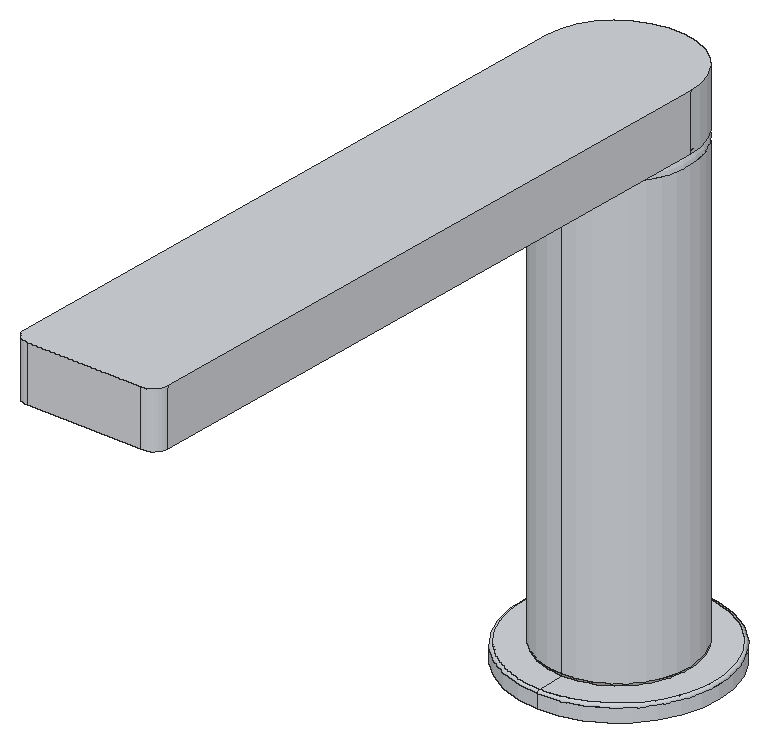
Revit family "Faucet_Touchless-Lavatory-KOHLER-Composed-K-104C36", category Plumbing Fixtures, host Face, Revit 2021
Family settings
  Host = Face
  Round Connector Dimension = Use Diameter
  Part Type = Normal
  OmniClass Number = 23.31.11.00
  OmniClass Title = Faucets
  Cut with Voids When Loaded = No
  Shared = No
  Room Calculation Point = No
Parameters (values of type "0.35 GPM, CP-Polished Chrome")
  Width = 2"  # constant formula
  WaterSense Certified = 1 = 0  # no
  Waste Water Outlet = "Waste Water Outlet"  # constant formula
  Waste Connection = 1 = 0  # no
  Vent Connection = 1 = 0  # no
  URL = "https://www.us.kohler.com/us/"
  Type = 1
  Spout Reach = 5 13/16"  # constant formula
  Product Page URL = "http://www.us.kohler.com/us/catalog/productDetails.jsp?productId=104C36-SATA"
  Product Name = "Composed\r\n"  # constant formula
  Product Documentation Link = "https://www.us.kohler.com/webassets/kpna/catalog/pdf/en/K-104C36-SATA_spec_US-CA_Kohler_en.pdf"
  Pressure = 60.00 psi  # constant formula
  Model = if(Type = 1, "K-104C36-SATA-CP", if(Type = 2, "K-104C36-SANA-CP", "NA"))  # "K-104C36-SATA-CP"
  Material = "Premium Metal Construction\r\n"  # constant formula
  Master Format 2014 Name = "Residential Faucets, Supplies, and Trim"  # constant formula
  Master Format 2014 = "22 41 39"  # constant formula
  Manufacturer Address = "444 Highland Dr, Kohler, WI 53044"  # constant formula
  Manufacturer = "Kohler Co."  # constant formula
  Length = Spout Reach  # 5 13/16"
  Hot Water Inlet = "Hot Water Inlet"  # constant formula
  Height = 5 1/2"  # constant formula
  HW Connection = 1 = 1  # yes
  Flow Rate = if(Type = 1, 0.35 GPM, 0.5 GPM)  # 0.35 GPM
  Finish = Kohler-Metal-CP-Polished_Chrome
  Environmental Product Declaration = ""
  Drain Included = 1 = 1  # yes
  Description = if(Type = 1, "Deck Mount- 0.35 GPM DC Single Supply", "Touchless faucet with Kinesis sensor technology, DC-powered")  # "Deck Mount- 0.35 GPM DC Single Supply"
  Default Elevation = 36"
  Declare Label = ""
  Date Modified = "09/23/2022"  # constant formula
  Date Created = "01/29/2019"  # constant formula
  Copyright = "Copyright Kohler Co."  # constant formula
  Contact Us = "https://www.us.kohler.com/us/static/contact.jsp"
  Cold Water Inlet = "Cold Water Inlet"  # constant formula
  CW Connection = 1 = 1  # yes
  Assembly Code = "D2010"
  ADA Compliant = if(Type = 1, 1 = 0, 1 = 1)  # no
Types (3): name | Type | Product Page URL | Product Documentation Link | Model | Flow Rate | Description | ADA Compliant
  (no name) | 1 | "http://www.us.kohler.com/us/catalog/productDetails.jsp?productId=104C36-SATA" | "https://www.us.kohler.com/webassets/kpna/catalog/pdf/en/K-104C36-SATA_spec_US-CA_Kohler_en.pdf" | "K-104C36-SATA-CP" | 0.35 GPM | "Deck Mount- 0.35 GPM DC Single Supply" | no
  0.35 GPM, CP-Polished Chrome | 1 | "http://www.us.kohler.com/us/catalog/productDetails.jsp?productId=104C36-SATA" | "https://www.us.kohler.com/webassets/kpna/catalog/pdf/en/K-104C36-SATA_spec_US-CA_Kohler_en.pdf" | "K-104C36-SATA-CP" | 0.35 GPM | "Deck Mount- 0.35 GPM DC Single Supply" | no
  0.5 GPM, CP-Polished Chrome | 2 | "http://www.us.kohler.com/us/catalog/productDetails.jsp?productId=104C36-SANA" | "https://www.us.kohler.com/webassets/kpna/catalog/pdf/en/K-104C36-SANA_spec_US-CA_Kohler_en.pdf" | "K-104C36-SANA-CP" | 0.5 GPM | "Touchless faucet with Kinesis sensor technology, DC-powered" | yes
Reference planes (in)
  plane 1 "Center (Front/Back)": y = 0
  plane 2: z = 0
  plane 3 "Center (Left/Right)": x = 0
  plane 4: x = -1
  plane 5: x = 1
  plane 6: y = -6.59843
  plane 7: y = -5.8125
  plane 8: y = -1
  plane 9: y = 1
  plane 10: y = 0.59547
  plane 11: x = -0.31379
  plane 12: x = 0.31379
  plane 13: z = 5.5
  plane 14: z = 4.875
  plane 15: x = -0.7086
  plane 16: x = 0.7086
Dimensions and locks (in)
  "Length": plane 1 "Center (Front/Back)" to plane 7
  "Height": level to plane 13
  "Width": plane 4 to plane 5
  plane 6 to plane 9 = 7.59843"
  nested 1 to nested 1 = 1.4172"
  plane 4 to plane 5 = 2"
  level to plane 14 = 4 7/8"
  plane 1 "Center (Front/Back)" to plane 6 = 6.59843"
  plane 15 to plane 16 = 1.4172"
  aligned and locked: plane 2 to host face
  aligned and locked: level to host face
Automatic sketch dimensions
  host sketch curve to host sketch curve = 96"  (x2)
Nested families (in)
  nested 1: "K-104C36" at (0, 0, 0), type "K-104C36"
Connectors (in)
  piping at (0.31379, 0, 0), diameter 0.375, driven by "Flow Rate", driven by "Pressure", driven by "CW Connection", driven by "Cold Water Inlet"
    settings: on nested 1, index 1, connector inside diameter 24", connector length 0", flow factor 0, pipe flow 0.35 GPM, pressure drop 60.00 psi, fitting loss kfactor 0, connector angle 0.00°, fixture units 0, engagement length 0", angle of deflection 0.00°, flow configuration 1, flow direction 1, fitting loss method 4, system type 20, joint type 0, gender type 0, connector reference index -1, connector utility 1, adjustable connector no, is connector primary yes, connector description "Cold Water Inlet"
  piping at (-0.31379, 0, 0), diameter 0.375, driven by "Flow Rate", driven by "Pressure", driven by "HW Connection", driven by "Hot Water Inlet"
    settings: on nested 1, index 2, connector inside diameter 24", connector length 0", flow factor 0, pipe flow 0.35 GPM, pressure drop 60.00 psi, fitting loss kfactor 0, connector angle 0.00°, fixture units 0, engagement length 0", angle of deflection 0.00°, flow configuration 1, flow direction 1, fitting loss method 4, system type 19, joint type 0, gender type 0, connector reference index -1, connector utility 1, adjustable connector no, is connector primary no, connector description "Hot Water Inlet"
Definition of nested family "K-104C36"
  Parameters (values of type "K-104C36")
    Material = none
    Default Elevation = 0"
  Reference planes (in)
    plane 1 "Center (Front/Back)": y = 0
    plane 2: z = 0
    plane 3 "Center (Left/Right)": x = 0
    plane 4: x = -1
    plane 5: x = 1
    plane 6: y = 1
    plane 7: y = -1
    plane 8: y = -5.8125
    plane 9: z = 5.5
    plane 10: z = 4.875
    plane 11: y = -6.59843
    plane 12: x = -0.7086
    plane 13: x = 0.7086
    plane 14: y = 0.59547
    plane 15: x = -0.31379
    plane 16: x = 0.31379
  Forms (in)
    Revolve 1, solid, detail levels medium+fine
      sketch origin (0, 0, 0) x (0, 1, 0) y (0, 0, 1)
        loop
          line (0, 0) -> (0, 4.78248) -> (-0.54411, 4.78248)
          arc (-0.54411, 4.78248) -> (-0.66047, 4.73428) -> (-0.70866, 4.61793) r 0.16455
          line (-0.70866, 4.61793) -> (-0.70866, 0.18107)
          arc (-0.70866, 0.18107) -> (-0.70175, 0.16439) -> (-0.68507, 0.15748) r 0.02359
          line (-0.68507, 0.15748) -> (-0.97191, 0.15748)
          arc (-0.97191, 0.15748) -> (-0.99177, 0.14925) -> (-1, 0.12939) r 0.02809
          line (-1, 0.12939) -> (-1, 0) -> (0, 0)
        axis (0, 4.78248) -> (0, 0)
      angle from 0 to 360
    Extrusion 2, solid, detail levels medium+fine
      sketch origin (0, 0, 0) x (1, 0, 0) y (0, 1, 0)
        loop
          line (-0.70866, 0.00121) -> (-0.70866, -6.44494)
          arc (-0.70866, -6.44494) -> (-0.66441, -6.55176) -> (-0.55759, -6.59601) r 0.15108
          line (-0.55759, -6.59601) -> (0.55632, -6.59601)
          arc (0.55632, -6.59601) -> (0.66404, -6.55139) -> (0.70866, -6.44367) r 0.15234
          line (0.70866, -6.44367) -> (0.70866, 0.00121)
          arc (0.70866, 0.00121) -> (0, 0.70988) -> (-0.70866, 0.00121) r 0.70866
      from 4.54118 to 6.09294
    Extrusion 3, void
      sketch origin (0, 0, 0) x (0, 1, 0) y (0, 0, 1)
        loop
          line (0.90399, 5.23985) -> (0.90399, 6.19451) -> (-6.61256, 6.19451) -> (-6.61256, 5.50234) -> (0.90399, 5.23985)
        loop
          line (0.90399, 4.68568) -> (-6.61256, 4.94816) -> (-6.61256, 4.43568) -> (0.90399, 4.43568) -> (0.90399, 4.68568)
      from -0.88966 to 0.95732
    Extrusion 4, void
      sketch origin (0, 0, 0) x (0, 1, 0) y (0, 0, 1)
        loop
          line (0.79153, 4.6896) -> (0.79153, 4.96795) -> (-0.82888, 4.96795) -> (-0.82888, 4.74619) -> (0.79153, 4.6896)
      from -0.83763 to 0.85245
    Revolve 5, solid, detail levels medium+fine
      sketch origin (0, 0, 0) x (0, 1, 0) y (0, 0, 1)
        loop
          line (-5.8125, 4.875) -> (-5.4852, 4.80543)
          arc (-5.4852, 4.80543) -> (-5.47036, 4.80818) -> (-5.46181, 4.82062) r 0.01972
          line (-5.46181, 4.82062) -> (-5.45363, 4.8591) -> (-5.41463, 4.8508)
          arc (-5.41463, 4.8508) -> (-5.38526, 4.85625) -> (-5.36834, 4.88087) r 0.03903
          line (-5.36834, 4.88087) -> (-5.3498, 4.96807) -> (-5.77357, 5.05815) -> (-5.8125, 4.875)
        axis (-5.8125, 4.875) -> (-5.77357, 5.05815)
      angle from 0 to 360
    Revolve 6, void
      sketch origin (0, 0, 0) x (0, 1, 0) y (0, 0, 1)
        loop
          line (-6.23931, 5.15715) -> (-6.30565, 4.84507) -> (-5.84353, 4.74685) -> (-5.7772, 5.05892) -> (-6.23931, 5.15715)
        axis (-5.84353, 4.74685) -> (-5.7772, 5.05892)
      angle from 0 to 360
    Sweep 7, solid, detail levels medium+fine
      path origin (0, -0.17553, -0.15604) x (1, 0, 0) y (0, 0.999391, -0.034899)
        loop
          line (-0.47244, -4.42044) -> (-0.47244, -4.69476)
          arc (-0.47244, -4.69476) -> (0, -5.1672) -> (0.47244, -4.69476) r 0.47244
          line (0.47244, -4.69476) -> (0.47244, -4.42044)
          arc (0.47244, -4.42044) -> (0, -3.948) -> (-0.47244, -4.42044) r 0.47244
      profile origin (-0.47244, -4.73035, 0.00302) x (1, 0, 0) y (0, 0.034899, 0.999391)
        loop
          line (0, 5.08692) -> (0, 4.8922)
          arc (0, 4.8922) -> (0.02312, 4.83639) -> (0.07892, 4.81327) r 0.07892
          line (0.07892, 4.81327) -> (0.32246, 4.81327) -> (0.32246, 5.08692) -> (0, 5.08692)
    Extrusion 8, solid, detail levels medium+fine
      sketch origin (0, -0.17553, -0.15604) x (1, 0, 0) y (0, 0.999391, -0.034899)
        loop
          line (-0.14998, -4.42044) -> (-0.14998, -4.69476)
          arc (-0.14998, -4.69476) -> (0, -4.84474) -> (0.14998, -4.69476) r 0.14998
          line (0.14998, -4.69476) -> (0.14998, -4.42044)
          arc (0.14998, -4.42044) -> (0, -4.27045) -> (-0.14998, -4.42044) r 0.14998
      from 4.81327 to 5.08692
    Revolve 9, solid, material <- "Material", detail levels coarse
      sketch origin (0, 0, 0) x (0, 1, 0) y (0, 0, 1)
        loop
          line (0, 0) -> (0, 4.73274) -> (-0.70866, 4.73274) -> (-0.70866, 0.26851) -> (-1, 0.26851) -> (-1, 0) -> (0, 0)
        axis (0, 4.73274) -> (0, 0)
      angle from 0 to 360
    Extrusion 10, solid, material <- "Material", detail levels coarse
      sketch origin (0, 0, 0) x (1, 0, 0) y (0, 1, 0)
        loop
          line (-0.70866, 0.00121) -> (-0.70866, -6.59601) -> (0.70866, -6.59601) -> (0.70866, 0.00121)
          arc (0.70866, 0.00121) -> (0, 0.70988) -> (-0.70866, 0.00121) r 0.70866
      from 4.73274 to 5.51642
    Extrusion 11, solid, material <- "Material", detail levels medium+fine
      sketch origin (0, 0, 0) x (1, 0, 0) y (0, 1, 0)
        loop
          circle (-0.31379, 0) r 0.125
        loop
          circle (0.31379, 0) r 0.12402
      from 0 to 0.05237
    Extrusion 12, void
      sketch origin (0, 0, 0) x (1, 0, 0) y (0, 1, 0)
        loop
          circle (0.0082, -4.16759) r 0.08604
      from 4.67622 to 4.83958
    Extrusion 13, solid, detail levels medium+fine
      sketch origin (0, 0, 0) x (1, 0, 0) y (0, 1, 0)
        loop
          circle (0.0082, -4.16759) r 0.06485
      from 4.8007 to 4.83958
    Extrusion 14, solid, detail levels medium+fine
      sketch origin (0, -1.14101, -1.10191) x (1, 0, 0) y (0, 0.978148, -0.207912)
        loop
          circle (0.14657, -5.71164) r 0.01969
        loop
          circle (0.06984, -5.65406) r 0.01969
        loop
          circle (-0.02936, -5.6471) r 0.01969
        loop
          circle (-0.1226, -5.70317) r 0.01969
        loop
          circle (-0.15199, -5.81181) r 0.01969
        loop
          circle (-0.10684, -5.91675) r 0.01969
        loop
          circle (-0.00658, -5.9677) r 0.01969
        loop
          circle (0.16008, -5.81356) r 0.01969
        loop
          circle (0.13139, -5.88708) r 0.01969
        loop
          circle (0.08236, -5.94171) r 0.01969
        loop
          circle (0, -5.56028) r 0.01969
        loop
          circle (-0.06984, -5.57014) r 0.01969
        loop
          circle (-0.25222, -5.8125) r 0.01969
        loop
          circle (-0.23921, -5.73253) r 0.01969
        loop
          circle (-0.19371, -5.65096) r 0.01969
        loop
          circle (-0.14404, -5.60545) r 0.01969
        loop
          circle (0.06984, -5.57014) r 0.01969
        loop
          circle (0.23921, -5.73253) r 0.01969
        loop
          circle (0.19371, -5.65096) r 0.01969
        loop
          circle (0.14404, -5.60545) r 0.01969
        loop
          circle (0.06984, -6.05486) r 0.01969
        loop
          circle (0.23921, -5.89247) r 0.01969
        loop
          circle (0.19371, -5.97404) r 0.01969
        loop
          circle (0.14404, -6.01955) r 0.01969
        loop
          circle (-0.06984, -6.05486) r 0.01969
        loop
          circle (-0.23921, -5.89247) r 0.01969
        loop
          circle (-0.19371, -5.97404) r 0.01969
        loop
          circle (-0.14404, -6.01955) r 0.01969
        loop
          circle (0, -6.06472) r 0.01969
        loop
          circle (0.25222, -5.8125) r 0.01969
      from 4.85855 to 5.03363
  Cuts and joins
    Extrusion 4 cuts Revolve 1
    Extrusion 3, Revolve 6 cuts Extrusion 2
    joined: Revolve 1, Extrusion 2
    Extrusion 12 cuts Sweep 7
    joined: Sweep 7, Extrusion 8
    joined: Revolve 9, Extrusion 10
  Lines and regions (in)
    Masking region 1
      outline origin (0, 0, 0) x (0, 1, 0) y (0, 0, 1)
        loop
          line (-1, 0) -> (1, 0) -> (1, 0.12789)
          arc (1, 0.12789) -> (0.99133, 0.14881) -> (0.97041, 0.15748) r 0.02959
          line (0.97041, 0.15748) -> (0.68507, 0.15748)
          arc (0.68507, 0.15748) -> (0.70196, 0.16698) -> (0.70866, 0.18517) r 0.02805
          line (0.70866, 0.18517) -> (0.70866, 4.6644)
          arc (0.70866, 4.6644) -> (0.70361, 4.68151) -> (0.69008, 4.69315) r 0.03153
          arc (0.69008, 4.69315) -> (0.70443, 4.70479) -> (0.70983, 4.72246) r 0.03163
          line (0.70983, 4.72246) -> (0.70983, 5.24487) -> (-6.59601, 5.5) -> (-6.59601, 4.94758) -> (-6.06707, 4.92911) -> (-5.46591, 4.80133) -> (-5.45363, 4.8591) -> (-5.40228, 4.84818)
          arc (-5.40228, 4.84818) -> (-5.38242, 4.85186) -> (-5.37097, 4.86851) r 0.0264
          line (-5.37097, 4.86851) -> (-5.36331, 4.90453) -> (-5.16842, 4.89773)
          arc (-5.16842, 4.89773) -> (-5.14228, 4.85132) -> (-5.09273, 4.83177) r 0.07965
          line (-5.09273, 4.83177) -> (-4.03524, 4.79485)
          arc (-4.03524, 4.79485) -> (-3.98344, 4.81076) -> (-3.95252, 4.85527) r 0.08292
          line (-3.95252, 4.85527) -> (-0.64549, 4.73978)
          arc (-0.64549, 4.73978) -> (-0.6904, 4.71853) -> (-0.70866, 4.67232) r 0.06762
          line (-0.70866, 4.67232) -> (-0.70866, 0.18517)
          arc (-0.70866, 0.18517) -> (-0.70196, 0.16698) -> (-0.68507, 0.15748) r 0.02805
          line (-0.68507, 0.15748) -> (-0.97041, 0.15748)
          arc (-0.97041, 0.15748) -> (-0.99133, 0.14881) -> (-1, 0.12789) r 0.02959
          line (-1, 0.12789) -> (-1, 0)
    Masking region 2
      outline origin (0, 0, 0) x (1, 0, 0) y (0, 0, 1)
        loop
          line (1, 0) -> (1, 0.13064)
          arc (1, 0.13064) -> (0.99214, 0.14962) -> (0.97316, 0.15748) r 0.02684
          line (0.97316, 0.15748) -> (0.68507, 0.15748)
          arc (0.68507, 0.15748) -> (0.70182, 0.16519) -> (0.70866, 0.18231) r 0.02487
          line (0.70866, 0.18231) -> (0.70866, 4.66989)
          arc (0.70866, 4.66989) -> (0.69784, 4.70038) -> (0.67021, 4.7172) r 0.04833
          arc (0.67021, 4.7172) -> (0.69728, 4.72725) -> (0.70866, 4.75379) r 0.03663
          line (0.70866, 4.75379) -> (0.70866, 5.46484)
          arc (0.70866, 5.46484) -> (0.69836, 5.4897) -> (0.6735, 5.5) r 0.03516
          line (0.6735, 5.5) -> (-0.67198, 5.5)
          arc (-0.67198, 5.5) -> (-0.69792, 5.48926) -> (-0.70866, 5.46333) r 0.03667
          line (-0.70866, 5.46333) -> (-0.70866, 4.75379)
          arc (-0.70866, 4.75379) -> (-0.69728, 4.72725) -> (-0.67021, 4.7172) r 0.03663
          arc (-0.67021, 4.7172) -> (-0.69784, 4.70038) -> (-0.70866, 4.66989) r 0.04833
          line (-0.70866, 4.66989) -> (-0.70866, 0.18231)
          arc (-0.70866, 0.18231) -> (-0.70182, 0.16519) -> (-0.68507, 0.15748) r 0.02487
          line (-0.68507, 0.15748) -> (-0.97316, 0.15748)
          arc (-0.97316, 0.15748) -> (-0.99214, 0.14962) -> (-1, 0.13064) r 0.02684
          line (-1, 0.13064) -> (-1, 0) -> (1, 0)
    Masking region 3
      outline origin (0, 0, 0) x (1, 0, 0) y (0, 1, 0)
        loop
          arc (-1, 0) -> (-0.92428, -0.38171) -> (-0.7086, -0.70561) r 1
          line (-0.7086, -0.70561) -> (-0.7086, -6.44806)
          arc (-0.7086, -6.44806) -> (-0.66527, -6.55268) -> (-0.56065, -6.59601) r 0.14795
          line (-0.56065, -6.59601) -> (0.56094, -6.59601)
          arc (0.56094, -6.59601) -> (0.66535, -6.55276) -> (0.7086, -6.44835) r 0.14766
          line (0.7086, -6.44835) -> (0.7086, -0.70561)
          arc (0.7086, -0.70561) -> (0.92428, -0.38171) -> (1, 0) r 1
          arc (1, 0) -> (0.70711, 0.70711) -> (0, 1) r 1
          arc (0, 1) -> (-0.70711, 0.70711) -> (-1, 0) r 1
    symbolic lines, detail levels medium+fine
      curve 1: line (0, 0.69008, 4.69315) -> (0, -0.65412, 4.74009)
      curve 2: line (0, -3.95252, 4.85527) -> (0, -5.16781, 4.89771)
      curve 3: line (0, -6.06707, 4.92911) -> (0, -5.36331, 4.90453)
      curve 4: line (0, -5.45363, 4.8591) -> (0, -5.72719, 4.91724)
      curve 5: line (0, 0.68507, 0.15748) -> (0, -0.68507, 0.15748)
      curve 6: arc (-0.67021, 0, 4.7172) -> (0, 0, 4.74009) -> (0.67021, 0, 4.7172) r 9.82651
      curve 7: line (-0.70866, 0, 4.94758) -> (0.70866, 0, 4.94758)
      curve 8: spline (0, 0, 4.80133) -> (-0.08679, 0, 4.80357) -> (-0.16829, 0, 4.81017) -> (-0.23954, 0, 4.82072) -> (-0.2962, 0, 4.83457) -> (-0.33481, 0, 4.85088) -> (-0.35302, 0, 4.86867) -> (-0.34972, 0, 4.88684) -> (-0.32512, 0, 4.90429) -> (-0.28071, 0, 4.91996) -> (-0.2192, 0, 4.93288) -> (-0.14433, 0, 4.94228) -> (-0.06067, 0, 4.94758)
      curve 9: spline (0.06067, 0, 4.94758) -> (0.14433, 0, 4.94228) -> (0.2192, 0, 4.93288) -> (0.28071, 0, 4.91996) -> (0.32512, 0, 4.90429) -> (0.34972, 0, 4.88684) -> (0.35302, 0, 4.86867) -> (0.33481, 0, 4.85088) -> (0.2962, 0, 4.83457) -> (0.23954, 0, 4.82072) -> (0.16829, 0, 4.81017) -> (0.08679, 0, 4.80357) -> (0, 0, 4.80133)
      curve 10: line (-0.35433, 0, 4.875) -> (-0.35433, 0, 4.93107)
      curve 11: spline (-0.42781, 0, 4.9129) -> (-0.45048, 0, 4.91491) -> (-0.46551, 0, 4.91702) -> (-0.47265, 0, 4.91917) -> (-0.47178, 0, 4.92134) -> (-0.46292, 0, 4.92348) -> (-0.4462, 0, 4.92557) -> (-0.42192, 0, 4.92756) -> (-0.39047, 0, 4.92943) -> (-0.35239, 0, 4.93114) -> (-0.3083, 0, 4.93267) -> (-0.25894, 0, 4.93399) -> (-0.20514, 0, 4.93507)
      curve 12: arc (-0.35433, 0, 4.89334) -> (-0.38709, 0, 4.90617) -> (-0.41464, 0, 4.92805) r 0.11866
      curve 13: arc (-0.39465, 0, 4.91091) -> (-0.41123, 0, 4.91178) -> (-0.42781, 0, 4.9129) r 1.14965
      curve 14: arc (-0.35433, 0, 4.89334) -> (-0.40991, 0, 4.88981) -> (-0.46525, 0, 4.88363) r 1.16121
      curve 15: arc (-0.20276, 0, 4.7968) -> (-0.10138, 0, 4.79522) -> (0, 0, 4.79469) r 9.74266
      curve 16: arc (-0.3892, 0, 4.80669) -> (-0.29606, 0, 4.80025) -> (-0.20276, 0, 4.7968) r 2.90363
      curve 17: arc (-0.47192, 0, 4.87526) -> (-0.4413, 0, 4.82802) -> (-0.3892, 0, 4.80669) r 0.09418
      curve 18: arc (-0.47192, 0, 4.87526) -> (-0.47072, 0, 4.88115) -> (-0.46525, 0, 4.88363) r 0.00661
      curve 19: line (0.35433, 0, 4.875) -> (0.35433, 0, 4.93107)
      curve 20: spline (0.42781, 0, 4.9129) -> (0.45048, 0, 4.91491) -> (0.46551, 0, 4.91702) -> (0.47265, 0, 4.91917) -> (0.47178, 0, 4.92134) -> (0.46292, 0, 4.92348) -> (0.4462, 0, 4.92557) -> (0.42192, 0, 4.92756) -> (0.39047, 0, 4.92943) -> (0.35239, 0, 4.93114) -> (0.3083, 0, 4.93267) -> (0.25894, 0, 4.93399) -> (0.20514, 0, 4.93507)
      curve 21: arc (0.35433, 0, 4.89334) -> (0.38709, 0, 4.90617) -> (0.41464, 0, 4.92805) r 0.11866
      curve 22: arc (0.39465, 0, 4.91091) -> (0.41123, 0, 4.91178) -> (0.42781, 0, 4.9129) r 1.14965
      curve 23: arc (0.35433, 0, 4.89334) -> (0.40991, 0, 4.88981) -> (0.46525, 0, 4.88363) r 1.16121
      curve 24: arc (0.20276, 0, 4.7968) -> (0.10138, 0, 4.79522) -> (0, 0, 4.79469) r 9.74266
      curve 25: arc (0.3892, 0, 4.80669) -> (0.29606, 0, 4.80025) -> (0.20276, 0, 4.7968) r 2.90363
      curve 26: arc (0.47192, 0, 4.87526) -> (0.4413, 0, 4.82802) -> (0.3892, 0, 4.80669) r 0.09418
      curve 27: arc (0.47192, 0, 4.87526) -> (0.47072, 0, 4.88115) -> (0.46525, 0, 4.88363) r 0.00661
      curve 28: line (-0.68507, 0, 0.15748) -> (0.68507, 0, 0.15748)
      curve 29: line (-0.7086, -0.70561, 0) -> (-0.7086, 0.00121, 0)
      curve 30: line (0.7086, -0.70561, 0) -> (0.7086, 0.00121, 0)
      curve 31: arc (-0.7086, 0.00121, 0) -> (0, 0.70982, 0) -> (0.7086, 0.00121, 0) r 0.7086
      curve 32: spline (-0.33113, 0, 4.875) -> (-0.32993, 0, 4.87245) -> (-0.32642, 0, 4.87008) -> (-0.32083, 0, 4.86804) -> (-0.31354, 0, 4.86648) -> (-0.30506, 0, 4.86549) -> (-0.29595, 0, 4.86516) -> (-0.28685, 0, 4.86549) -> (-0.27837, 0, 4.86648) -> (-0.27108, 0, 4.86804) -> (-0.26549, 0, 4.87008) -> (-0.26198, 0, 4.87245) -> (-0.26078, 0, 4.875) -> (-0.26198, 0, 4.87755) -> (-0.26549, 0, 4.87992) -> (-0.27108, 0, 4.88196) -> (-0.27837, 0, 4.88352) -> (-0.28685, 0, 4.88451) -> (-0.29595, 0, 4.88484) -> (-0.30506, 0, 4.88451) -> (-0.31354, 0, 4.88352) -> (-0.32083, 0, 4.88196) -> (-0.32642, 0, 4.87992) -> (-0.32993, 0, 4.87755) -> (-0.33113, 0, 4.875)
      curve 33: spline (-0.22209, 0, 4.875) -> (-0.22089, 0, 4.87245) -> (-0.21738, 0, 4.87008) -> (-0.21179, 0, 4.86804) -> (-0.2045, 0, 4.86648) -> (-0.19602, 0, 4.86549) -> (-0.18692, 0, 4.86516) -> (-0.17781, 0, 4.86549) -> (-0.16933, 0, 4.86648) -> (-0.16204, 0, 4.86804) -> (-0.15645, 0, 4.87008) -> (-0.15294, 0, 4.87245) -> (-0.15174, 0, 4.875) -> (-0.15294, 0, 4.87755) -> (-0.15645, 0, 4.87992) -> (-0.16204, 0, 4.88196) -> (-0.16933, 0, 4.88352) -> (-0.17781, 0, 4.88451) -> (-0.18692, 0, 4.88484) -> (-0.19602, 0, 4.88451) -> (-0.2045, 0, 4.88352) -> (-0.21179, 0, 4.88196) -> (-0.21738, 0, 4.87992) -> (-0.22089, 0, 4.87755) -> (-0.22209, 0, 4.875)
      curve 34: spline (-0.22209, 0, 4.92096) -> (-0.22089, 0, 4.91841) -> (-0.21738, 0, 4.91603) -> (-0.21179, 0, 4.914) -> (-0.2045, 0, 4.91243) -> (-0.19602, 0, 4.91145) -> (-0.18692, 0, 4.91111) -> (-0.17781, 0, 4.91145) -> (-0.16933, 0, 4.91243) -> (-0.16204, 0, 4.914) -> (-0.15645, 0, 4.91603) -> (-0.15294, 0, 4.91841) -> (-0.15174, 0, 4.92096) -> (-0.15294, 0, 4.9235) -> (-0.15645, 0, 4.92588) -> (-0.16204, 0, 4.92792) -> (-0.16933, 0, 4.92948) -> (-0.17781, 0, 4.93046) -> (-0.18692, 0, 4.9308) -> (-0.19602, 0, 4.93046) -> (-0.2045, 0, 4.92948) -> (-0.21179, 0, 4.92792) -> (-0.21738, 0, 4.92588) -> (-0.22089, 0, 4.9235) -> (-0.22209, 0, 4.92096)
      curve 35: spline (-0.12888, 0, 4.92096) -> (-0.12768, 0, 4.91841) -> (-0.12417, 0, 4.91603) -> (-0.11858, 0, 4.914) -> (-0.11129, 0, 4.91243) -> (-0.10281, 0, 4.91145) -> (-0.0937, 0, 4.91111) -> (-0.0846, 0, 4.91145) -> (-0.07612, 0, 4.91243) -> (-0.06883, 0, 4.914) -> (-0.06324, 0, 4.91603) -> (-0.05973, 0, 4.91841) -> (-0.05853, 0, 4.92096) -> (-0.05973, 0, 4.9235) -> (-0.06324, 0, 4.92588) -> (-0.06883, 0, 4.92792) -> (-0.07612, 0, 4.92948) -> (-0.0846, 0, 4.93046) -> (-0.0937, 0, 4.9308) -> (-0.10281, 0, 4.93046) -> (-0.11129, 0, 4.92948) -> (-0.11858, 0, 4.92792) -> (-0.12417, 0, 4.92588) -> (-0.12768, 0, 4.9235) -> (-0.12888, 0, 4.92096)
      curve 36: spline (-0.12888, 0, 4.82511) -> (-0.12768, 0, 4.82256) -> (-0.12417, 0, 4.82019) -> (-0.11858, 0, 4.81815) -> (-0.11129, 0, 4.81658) -> (-0.10281, 0, 4.8156) -> (-0.0937, 0, 4.81526) -> (-0.0846, 0, 4.8156) -> (-0.07612, 0, 4.81658) -> (-0.06883, 0, 4.81815) -> (-0.06324, 0, 4.82019) -> (-0.05973, 0, 4.82256) -> (-0.05853, 0, 4.82511) -> (-0.05973, 0, 4.82765) -> (-0.06324, 0, 4.83003) -> (-0.06883, 0, 4.83207) -> (-0.07612, 0, 4.83363) -> (-0.0846, 0, 4.83461) -> (-0.0937, 0, 4.83495) -> (-0.10281, 0, 4.83461) -> (-0.11129, 0, 4.83363) -> (-0.11858, 0, 4.83207) -> (-0.12417, 0, 4.83003) -> (-0.12768, 0, 4.82765) -> (-0.12888, 0, 4.82511)
      curve 37: spline (-0.2344, 0, 4.83126) -> (-0.2332, 0, 4.82871) -> (-0.22969, 0, 4.82634) -> (-0.2241, 0, 4.8243) -> (-0.21681, 0, 4.82273) -> (-0.20833, 0, 4.82175) -> (-0.19923, 0, 4.82142) -> (-0.19012, 0, 4.82175) -> (-0.18164, 0, 4.82273) -> (-0.17435, 0, 4.8243) -> (-0.16876, 0, 4.82634) -> (-0.16525, 0, 4.82871) -> (-0.16405, 0, 4.83126) -> (-0.16525, 0, 4.83381) -> (-0.16876, 0, 4.83618) -> (-0.17435, 0, 4.83822) -> (-0.18164, 0, 4.83978) -> (-0.19012, 0, 4.84077) -> (-0.19923, 0, 4.8411) -> (-0.20833, 0, 4.84077) -> (-0.21681, 0, 4.83978) -> (-0.2241, 0, 4.83822) -> (-0.22969, 0, 4.83618) -> (-0.2332, 0, 4.83381) -> (-0.2344, 0, 4.83126)
      curve 38: spline (-0.03517, 0, 4.82511) -> (-0.03398, 0, 4.82256) -> (-0.03046, 0, 4.82019) -> (-0.02487, 0, 4.81815) -> (-0.01759, 0, 4.81658) -> (-0.0091, 0, 4.8156) -> (0, 0, 4.81526) -> (0.0091, 0, 4.8156) -> (0.01759, 0, 4.81658) -> (0.02487, 0, 4.81815) -> (0.03046, 0, 4.82019) -> (0.03398, 0, 4.82256) -> (0.03517, 0, 4.82511) -> (0.03398, 0, 4.82765) -> (0.03046, 0, 4.83003) -> (0.02487, 0, 4.83207) -> (0.01759, 0, 4.83363) -> (0.0091, 0, 4.83461) -> (0, 0, 4.83495) -> (-0.0091, 0, 4.83461) -> (-0.01759, 0, 4.83363) -> (-0.02487, 0, 4.83207) -> (-0.03046, 0, 4.83003) -> (-0.03398, 0, 4.82765) -> (-0.03517, 0, 4.82511)
      curve 39: spline (-0.03517, 0, 4.92359) -> (-0.03398, 0, 4.92105) -> (-0.03046, 0, 4.91867) -> (-0.02487, 0, 4.91663) -> (-0.01759, 0, 4.91507) -> (-0.0091, 0, 4.91409) -> (0, 0, 4.91375) -> (0.0091, 0, 4.91409) -> (0.01759, 0, 4.91507) -> (0.02487, 0, 4.91663) -> (0.03046, 0, 4.91867) -> (0.03398, 0, 4.92105) -> (0.03517, 0, 4.92359) -> (0.03398, 0, 4.92614) -> (0.03046, 0, 4.92851) -> (0.02487, 0, 4.93055) -> (0.01759, 0, 4.93212) -> (0.0091, 0, 4.9331) -> (0, 0, 4.93344) -> (-0.0091, 0, 4.9331) -> (-0.01759, 0, 4.93212) -> (-0.02487, 0, 4.93055) -> (-0.03046, 0, 4.92851) -> (-0.03398, 0, 4.92614) -> (-0.03517, 0, 4.92359)
      curve 40: spline (0.33113, 0, 4.875) -> (0.32993, 0, 4.87245) -> (0.32642, 0, 4.87008) -> (0.32083, 0, 4.86804) -> (0.31354, 0, 4.86648) -> (0.30506, 0, 4.86549) -> (0.29595, 0, 4.86516) -> (0.28685, 0, 4.86549) -> (0.27837, 0, 4.86648) -> (0.27108, 0, 4.86804) -> (0.26549, 0, 4.87008) -> (0.26198, 0, 4.87245) -> (0.26078, 0, 4.875) -> (0.26198, 0, 4.87755) -> (0.26549, 0, 4.87992) -> (0.27108, 0, 4.88196) -> (0.27837, 0, 4.88352) -> (0.28685, 0, 4.88451) -> (0.29595, 0, 4.88484) -> (0.30506, 0, 4.88451) -> (0.31354, 0, 4.88352) -> (0.32083, 0, 4.88196) -> (0.32642, 0, 4.87992) -> (0.32993, 0, 4.87755) -> (0.33113, 0, 4.875)
      curve 41: spline (0.22209, 0, 4.92096) -> (0.22089, 0, 4.91841) -> (0.21738, 0, 4.91603) -> (0.21179, 0, 4.914) -> (0.2045, 0, 4.91243) -> (0.19602, 0, 4.91145) -> (0.18692, 0, 4.91111) -> (0.17781, 0, 4.91145) -> (0.16933, 0, 4.91243) -> (0.16204, 0, 4.914) -> (0.15645, 0, 4.91603) -> (0.15294, 0, 4.91841) -> (0.15174, 0, 4.92096) -> (0.15294, 0, 4.9235) -> (0.15645, 0, 4.92588) -> (0.16204, 0, 4.92792) -> (0.16933, 0, 4.92948) -> (0.17781, 0, 4.93046) -> (0.18692, 0, 4.9308) -> (0.19602, 0, 4.93046) -> (0.2045, 0, 4.92948) -> (0.21179, 0, 4.92792) -> (0.21738, 0, 4.92588) -> (0.22089, 0, 4.9235) -> (0.22209, 0, 4.92096)
      curve 42: spline (0.12888, 0, 4.92096) -> (0.12768, 0, 4.91841) -> (0.12417, 0, 4.91603) -> (0.11858, 0, 4.914) -> (0.11129, 0, 4.91243) -> (0.10281, 0, 4.91145) -> (0.0937, 0, 4.91111) -> (0.0846, 0, 4.91145) -> (0.07612, 0, 4.91243) -> (0.06883, 0, 4.914) -> (0.06324, 0, 4.91603) -> (0.05973, 0, 4.91841) -> (0.05853, 0, 4.92096) -> (0.05973, 0, 4.9235) -> (0.06324, 0, 4.92588) -> (0.06883, 0, 4.92792) -> (0.07612, 0, 4.92948) -> (0.0846, 0, 4.93046) -> (0.0937, 0, 4.9308) -> (0.10281, 0, 4.93046) -> (0.11129, 0, 4.92948) -> (0.11858, 0, 4.92792) -> (0.12417, 0, 4.92588) -> (0.12768, 0, 4.9235) -> (0.12888, 0, 4.92096)
      curve 43: spline (0.12888, 0, 4.82511) -> (0.12768, 0, 4.82256) -> (0.12417, 0, 4.82019) -> (0.11858, 0, 4.81815) -> (0.11129, 0, 4.81658) -> (0.10281, 0, 4.8156) -> (0.0937, 0, 4.81526) -> (0.0846, 0, 4.8156) -> (0.07612, 0, 4.81658) -> (0.06883, 0, 4.81815) -> (0.06324, 0, 4.82019) -> (0.05973, 0, 4.82256) -> (0.05853, 0, 4.82511) -> (0.05973, 0, 4.82765) -> (0.06324, 0, 4.83003) -> (0.06883, 0, 4.83207) -> (0.07612, 0, 4.83363) -> (0.0846, 0, 4.83461) -> (0.0937, 0, 4.83495) -> (0.10281, 0, 4.83461) -> (0.11129, 0, 4.83363) -> (0.11858, 0, 4.83207) -> (0.12417, 0, 4.83003) -> (0.12768, 0, 4.82765) -> (0.12888, 0, 4.82511)
      curve 44: spline (0.2344, 0, 4.82511) -> (0.2332, 0, 4.82256) -> (0.22969, 0, 4.82019) -> (0.2241, 0, 4.81815) -> (0.21681, 0, 4.81658) -> (0.20833, 0, 4.8156) -> (0.19923, 0, 4.81526) -> (0.19012, 0, 4.8156) -> (0.18164, 0, 4.81658) -> (0.17435, 0, 4.81815) -> (0.16876, 0, 4.82019) -> (0.16525, 0, 4.82256) -> (0.16405, 0, 4.82511) -> (0.16525, 0, 4.82765) -> (0.16876, 0, 4.83003) -> (0.17435, 0, 4.83207) -> (0.18164, 0, 4.83363) -> (0.19012, 0, 4.83461) -> (0.19923, 0, 4.83495) -> (0.20833, 0, 4.83461) -> (0.21681, 0, 4.83363) -> (0.2241, 0, 4.83207) -> (0.22969, 0, 4.83003) -> (0.2332, 0, 4.82765) -> (0.2344, 0, 4.82511)
      curve 45: spline (-0.28807, 0, 4.90555) -> (-0.28687, 0, 4.903) -> (-0.28335, 0, 4.90062) -> (-0.27777, 0, 4.89859) -> (-0.27048, 0, 4.89702) -> (-0.262, 0, 4.89604) -> (-0.25289, 0, 4.8957) -> (-0.24379, 0, 4.89604) -> (-0.23531, 0, 4.89702) -> (-0.22802, 0, 4.89859) -> (-0.22243, 0, 4.90062) -> (-0.21892, 0, 4.903) -> (-0.21772, 0, 4.90555) -> (-0.21892, 0, 4.90809) -> (-0.22243, 0, 4.91047) -> (-0.22802, 0, 4.91251) -> (-0.23531, 0, 4.91407) -> (-0.24379, 0, 4.91505) -> (-0.25289, 0, 4.91539) -> (-0.262, 0, 4.91505) -> (-0.27048, 0, 4.91407) -> (-0.27777, 0, 4.91251) -> (-0.28335, 0, 4.91047) -> (-0.28687, 0, 4.90809) -> (-0.28807, 0, 4.90555)
      curve 46: spline (-0.28807, 0, 4.84445) -> (-0.28687, 0, 4.847) -> (-0.28335, 0, 4.84938) -> (-0.27777, 0, 4.85141) -> (-0.27048, 0, 4.85298) -> (-0.262, 0, 4.85396) -> (-0.25289, 0, 4.8543) -> (-0.24379, 0, 4.85396) -> (-0.23531, 0, 4.85298) -> (-0.22802, 0, 4.85141) -> (-0.22243, 0, 4.84938) -> (-0.21892, 0, 4.847) -> (-0.21772, 0, 4.84445) -> (-0.21892, 0, 4.84191) -> (-0.22243, 0, 4.83953) -> (-0.22802, 0, 4.83749) -> (-0.23531, 0, 4.83593) -> (-0.24379, 0, 4.83495) -> (-0.25289, 0, 4.83461) -> (-0.262, 0, 4.83495) -> (-0.27048, 0, 4.83593) -> (-0.27777, 0, 4.83749) -> (-0.28335, 0, 4.83953) -> (-0.28687, 0, 4.84191) -> (-0.28807, 0, 4.84445)
      curve 47: spline (0.28807, 0, 4.84445) -> (0.28687, 0, 4.847) -> (0.28335, 0, 4.84938) -> (0.27777, 0, 4.85141) -> (0.27048, 0, 4.85298) -> (0.262, 0, 4.85396) -> (0.25289, 0, 4.8543) -> (0.24379, 0, 4.85396) -> (0.23531, 0, 4.85298) -> (0.22802, 0, 4.85141) -> (0.22243, 0, 4.84938) -> (0.21892, 0, 4.847) -> (0.21772, 0, 4.84445) -> (0.21892, 0, 4.84191) -> (0.22243, 0, 4.83953) -> (0.22802, 0, 4.83749) -> (0.23531, 0, 4.83593) -> (0.24379, 0, 4.83495) -> (0.25289, 0, 4.83461) -> (0.262, 0, 4.83495) -> (0.27048, 0, 4.83593) -> (0.27777, 0, 4.83749) -> (0.28335, 0, 4.83953) -> (0.28687, 0, 4.84191) -> (0.28807, 0, 4.84445)
      curve 48: spline (0.28807, 0, 4.90555) -> (0.28687, 0, 4.903) -> (0.28335, 0, 4.90062) -> (0.27777, 0, 4.89859) -> (0.27048, 0, 4.89702) -> (0.262, 0, 4.89604) -> (0.25289, 0, 4.8957) -> (0.24379, 0, 4.89604) -> (0.23531, 0, 4.89702) -> (0.22802, 0, 4.89859) -> (0.22243, 0, 4.90062) -> (0.21892, 0, 4.903) -> (0.21772, 0, 4.90555) -> (0.21892, 0, 4.90809) -> (0.22243, 0, 4.91047) -> (0.22802, 0, 4.91251) -> (0.23531, 0, 4.91407) -> (0.24379, 0, 4.91505) -> (0.25289, 0, 4.91539) -> (0.262, 0, 4.91505) -> (0.27048, 0, 4.91407) -> (0.27777, 0, 4.91251) -> (0.28335, 0, 4.91047) -> (0.28687, 0, 4.90809) -> (0.28807, 0, 4.90555)
      curve 49: spline (-0.11858, 0, 4.875) -> (-0.11739, 0, 4.87245) -> (-0.11387, 0, 4.87008) -> (-0.10828, 0, 4.86804) -> (-0.101, 0, 4.86648) -> (-0.09251, 0, 4.86549) -> (-0.08341, 0, 4.86516) -> (-0.07431, 0, 4.86549) -> (-0.06582, 0, 4.86648) -> (-0.05854, 0, 4.86804) -> (-0.05295, 0, 4.87008) -> (-0.04944, 0, 4.87245) -> (-0.04824, 0, 4.875) -> (-0.04944, 0, 4.87755) -> (-0.05295, 0, 4.87992) -> (-0.05854, 0, 4.88196) -> (-0.06582, 0, 4.88352) -> (-0.07431, 0, 4.88451) -> (-0.08341, 0, 4.88484) -> (-0.09251, 0, 4.88451) -> (-0.101, 0, 4.88352) -> (-0.10828, 0, 4.88196) -> (-0.11387, 0, 4.87992) -> (-0.11739, 0, 4.87755) -> (-0.11858, 0, 4.875)
      curve 50: spline (0.03325, 0, 4.875) -> (0.03445, 0, 4.87245) -> (0.03796, 0, 4.87008) -> (0.04355, 0, 4.86804) -> (0.05084, 0, 4.86648) -> (0.05932, 0, 4.86549) -> (0.06843, 0, 4.86516) -> (0.07753, 0, 4.86549) -> (0.08601, 0, 4.86648) -> (0.0933, 0, 4.86804) -> (0.09889, 0, 4.87008) -> (0.1024, 0, 4.87245) -> (0.1036, 0, 4.875) -> (0.1024, 0, 4.87755) -> (0.09889, 0, 4.87992) -> (0.0933, 0, 4.88196) -> (0.08601, 0, 4.88352) -> (0.07753, 0, 4.88451) -> (0.06843, 0, 4.88484) -> (0.05932, 0, 4.88451) -> (0.05084, 0, 4.88352) -> (0.04355, 0, 4.88196) -> (0.03796, 0, 4.87992) -> (0.03445, 0, 4.87755) -> (0.03325, 0, 4.875)
      curve 51: spline (0.13984, 0, 4.875) -> (0.14104, 0, 4.87245) -> (0.14455, 0, 4.87008) -> (0.15014, 0, 4.86804) -> (0.15743, 0, 4.86648) -> (0.16591, 0, 4.86549) -> (0.17501, 0, 4.86516) -> (0.18412, 0, 4.86549) -> (0.1926, 0, 4.86648) -> (0.19988, 0, 4.86804) -> (0.20547, 0, 4.87008) -> (0.20899, 0, 4.87245) -> (0.21019, 0, 4.875) -> (0.20899, 0, 4.87755) -> (0.20547, 0, 4.87992) -> (0.19988, 0, 4.88196) -> (0.1926, 0, 4.88352) -> (0.18412, 0, 4.88451) -> (0.17501, 0, 4.88484) -> (0.16591, 0, 4.88451) -> (0.15743, 0, 4.88352) -> (0.15014, 0, 4.88196) -> (0.14455, 0, 4.87992) -> (0.14104, 0, 4.87755) -> (0.13984, 0, 4.875)
  Dimensions and locks (in)
    locked: plane 4 to plane 5 at 2
    locked: plane 6 to plane 7 at 2
    locked: plane 1 "Center (Front/Back)" to plane 8 at 5.8125
    locked: plane 9 to plane 2 at 5.5
    locked: plane 10 to plane 2 at 4.875
    plane 6 to plane 11 = 7.59843"
    plane 12 to plane 13 = 1.4172"
    aligned and locked: plane 2 to level
